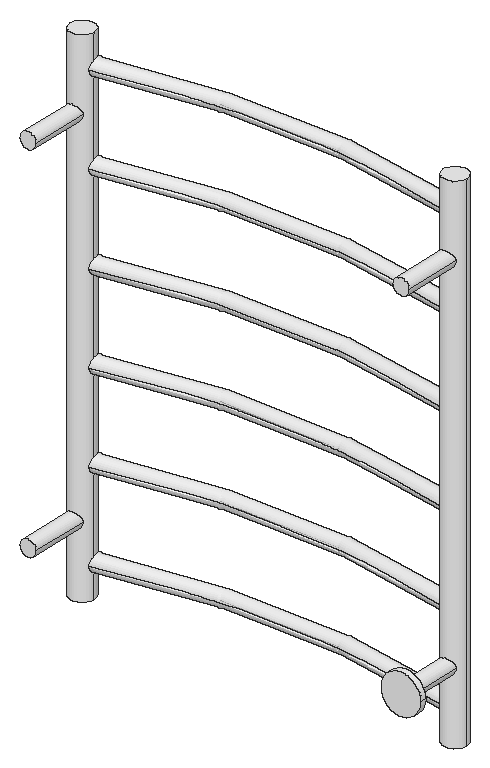
Revit family "BLG-75 L", category Generic Models, host Wall, Revit 2017
Family settings
  Host = Wall
  Can host rebar = No
  Round Connector Dimension = Use Diameter
  Part Type = Normal
  Always vertical = Yes
  Cut with Voids When Loaded = No
  Shared = No
  Room Calculation Point = No
Parameters (values of type "75")
  URL = "www.sentakia.com"
  Teho = "55 W"
  Sähkönumero = "8112503"
  Sentakia_Material_Default = Stainless Steel, Polished_sentakia
  Model = "BLG-75"
  Materiaali = "kiillotettu RST"
  Manufacturer = "Sentakia Oy"
  Leveys = 470 mm  # constant formula
  LVI = "5282077"
  Keynote = "6120"
  Kenkäkoukkupari [instance] = no
  IP = "IP 34 (roiskeveden kestävä)"
  Height = 640 mm  # constant formula
  ELO-600 kromi [instance] = no
  EAN = "6430034743019"
  Depth = 100 mm  # constant formula
  Assembly Code = ""
  2-osainen koukku pitkä [instance] = no
  2-osainen koukku lyhyt [instance] = no
Reference planes
  plane 1 "Wall": y = 0
  plane 2 "Center (Left/Right)": x = 125
  plane 3 "Back": y = 86
  plane 4: z = 1880
  plane 5: y = 186
  plane 6: y = 169
  plane 7 "Center of lower handler": z = 1330
  plane 8: z = 1790
  plane 9 "r": x = 360
  plane 10 "l": x = -110
  plane 11: y = 171
  plane 12: y = 181
  plane 13: y = 161
  plane 14 "Tikas1": z = 1840
  plane 15 "Tikas3": z = 1616
  plane 16 "Tikas4": z = 1504
  plane 17 "Tikas5": z = 1280
  plane 18 "Bottom": z = 1240
  plane 19 "Tikas2": z = 1728
  plane 20: y = 225
  plane 21 "Tikas6": z = 1392
  plane 22: y = 93.171
  plane 23: y = 201
Forms (mm)
  Extrusion 1, solid, material "Stainless Steel, Polished_sentakia" <- "Sentakia_Material_Default", detail levels medium+fine
    sketch origin (0, 0, 200) x (1, 0, 0) y (0, 0, 1)
      loop
        circle (360, 1130) r 10
    from -171 to -86
  Extrusion 2, solid, material "Stainless Steel, Polished_sentakia" <- "Sentakia_Material_Default", detail levels medium+fine
    sketch origin (0, 0, 200) x (1, 0, 0) y (0, 0, 1)
      loop
        circle (-110, 1130) r 10
    from -171 to -86
  Extrusion 3, solid, material "Stainless Steel, Polished_sentakia" <- "Sentakia_Material_Default", detail levels medium+fine
    sketch origin (0, 0, 310) x (1, 0, 0) y (0, 0, 1)
      loop
        circle (-110, 1480) r 10
    from -171 to -86
  Extrusion 4, solid, material "Stainless Steel, Polished_sentakia" <- "Sentakia_Material_Default", detail levels medium+fine
    sketch origin (0, 22, 0) x (1, 0, 0) y (0, 1, 0)
      loop
        circle (-110, 149) r 15
    from 1240 to 1880
  Extrusion 5, solid, material "Stainless Steel, Polished_sentakia" <- "Sentakia_Material_Default", detail levels medium+fine
    sketch origin (0, 22, 0) x (1, 0, 0) y (0, 1, 0)
      loop
        circle (360, 149) r 15
    from 1240 to 1880
  Extrusion 6, solid, material "Stainless Steel, Polished_sentakia" <- "Sentakia_Material_Default", detail levels medium+fine
    sketch origin (0, 0, 0) x (1, 0, 0) y (0, 0, 1)
      loop
        circle (360, 1790) r 10
    from -171 to -86
  Extrusion 7, solid, material "Stainless Steel, Polished_sentakia" <- "Sentakia_Material_Default", detail levels coarse
    sketch origin (125, 0, 0) x (0, 1, 0) y (0, 0, 1)
      loop
        line (186, 1880) -> (86, 1880) -> (86, 1240) -> (186, 1240) -> (186, 1880)
    from -235 to 235
  Sweep 8, solid, material "Stainless Steel, Polished_sentakia" <- "Sentakia_Material_Default", detail levels medium+fine
    path origin (0, 11, 1728) x (1, 0, 0) y (0, 1, 0)
      loop
        arc (-110, 160) -> (125, 190) -> (360, 160) r 935.417
    profile origin (125, 201, 1728) x (0, 1, 0) y (0, 0, 1)
      loop
        circle (0, 0) r 10
  Sweep 9, solid, material "Stainless Steel, Polished_sentakia" <- "Sentakia_Material_Default", detail levels medium+fine
    path origin (0, 11, 1616) x (0, 1, 0) y (-1, 0, 0)
      loop
        arc (160, 110) -> (190, -125) -> (160, -360) r 935.417
    profile origin (125, 201, 1616) x (0, 1, 0) y (0, 0, 1)
      loop
        circle (0, 0) r 10
  Sweep 10, solid, material "Stainless Steel, Polished_sentakia" <- "Sentakia_Material_Default", detail levels medium+fine
    path origin (0, 11, 1504) x (-1, 0, 0) y (0, 1, 0)
      loop
        arc (110, 160) -> (-125, 190) -> (-360, 160) r 935.417
    profile origin (125, 201, 1504) x (0, 1, 0) y (0, 0, 1)
      loop
        circle (0, 0) r 10
  Sweep 11, solid, material "Stainless Steel, Polished_sentakia" <- "Sentakia_Material_Default", detail levels medium+fine
    path origin (0, 11, 1280) x (-1, 0, 0) y (0, 1, 0)
      loop
        arc (110, 160) -> (-125, 190) -> (-360, 160) r 935.417
    profile origin (125, 201, 1280) x (0, 1, 0) y (0, 0, 1)
      loop
        circle (0, 0) r 10
  Sweep 12, solid, material "Stainless Steel, Polished_sentakia" <- "Sentakia_Material_Default", detail levels medium+fine
    path origin (0, 11, 1840) x (0, 1, 0) y (-1, 0, 0)
      loop
        arc (160, 110) -> (190, -125) -> (160, -360) r 935.417
    profile origin (125, 201, 1840) x (0, 1, 0) y (0, 0, 1)
      loop
        circle (0, 0) r 10
  Sweep 13, solid, material "Stainless Steel, Polished_sentakia" <- "Sentakia_Material_Default", detail levels medium+fine
    path origin (0, 11, 1392) x (1, 0, 0) y (0, 1, 0)
      loop
        arc (-110, 160) -> (125, 190) -> (360, 160) r 935.417
    profile origin (125, 201, 1392) x (0, 1, 0) y (0, 0, 1)
      loop
        circle (0, 0) r 10
  Extrusion 14, solid, material "Stainless Steel, Polished_sentakia" <- "Sentakia_Material_Default", detail levels medium+fine
    sketch origin (0, 0, 0) x (1, 0, 0) y (0, 0, 1)
      loop
        circle (360, 1330) r 25
    from -93.171 to -86
Cuts and joins
  joined: Extrusion 1, Extrusion 2, Extrusion 3, Extrusion 4, Extrusion 5, Extrusion 6, Sweep 8, Sweep 9, Sweep 10, Sweep 11, Sweep 12, Sweep 13, Extrusion 14
Text (mm)
  text "Placement Side" at (-1848.837, 1116.779, 0), in view "Ref. Level"
  text "Placement side" at (0, 1409.804, 2854.306), in view "Left"
  text "Placement side" at (0, 499.811, 2980.732), in view "Right"
Dimensions and locks
  locked: plane 3 "Back" to host wall
  "Depth": plane 5 to host wall
  plane 8 to level = 1790 mm
  locked: plane 12 to plane 13 at 20
  plane 18 "Bottom" to plane 7 "Center of lower handler" = 90 mm  (x2)
  plane 4 to plane 8 = 90 mm
  equal spacing: plane 10 "l", plane 2 "Center (Left/Right)", plane 9 "r"
  "Height": plane 18 "Bottom" to plane 4
  plane 7 "Center of lower handler" to plane 8 = 460 mm
  plane 8 to plane 4 = 90 mm
  plane 14 "Tikas1" to plane 4 = 40 mm
  plane 8 to plane 7 "Center of lower handler" = 460 mm
  equal spacing: plane 17 "Tikas5", plane 21 "Tikas6", plane 16 "Tikas4", plane 15 "Tikas3", plane 19 "Tikas2", plane 14 "Tikas1"
  "Leveys": plane 10 "l" to plane 9 "r"
  plane 18 "Bottom" to plane 17 "Tikas5" = 40 mm
  locked: plane 22 to host wall at 7.171
  locked: plane 3 "Back" to plane 23 at 115
  locked: plane 3 "Back" to plane 6 at 83
  aligned and locked: Extrusion 1 to host wall
  aligned and locked: Extrusion 2 to host wall
  aligned and locked: Extrusion 3 to host wall
  aligned and locked: Extrusion 2 to plane 11
  aligned and locked: Extrusion 1 to Extrusion 2
  aligned and locked: plane 4 to Extrusion 4
  aligned and locked: plane 4 to Extrusion 5
  aligned and locked: Extrusion 6 to host wall
  aligned and locked: plane 10 "l" to Extrusion 3 sketch curve
  aligned and locked: plane 9 "r" to Extrusion 6 sketch curve
  aligned and locked: plane 8 to Extrusion 6 sketch curve
  aligned and locked: Extrusion 3 to Extrusion 6
  aligned and locked: Extrusion 6 to plane 11
  aligned and locked: cut or joined group 1 (Extrusion 1, Extrusion 2, Extrusion 3, Extrusion 4, Extrusion 5, Extrusion 6, Sweep 8, Sweep 9, Sweep 10, Sweep 11, Sweep 12, Sweep 13, Extrusion 14) to plane 18 "Bottom"  (x2)
  aligned and locked: plane 4 to Extrusion 7
  aligned and locked: Extrusion 7 to cut or joined group 1
  aligned and locked: Extrusion 7 to plane 9 "r"
  aligned and locked: plane 10 "l" to Extrusion 7
  aligned and locked: Extrusion 7 to host wall
  aligned and locked: Extrusion 14 to host wall
  aligned and locked: plane 3 "Back" to Extrusion 14
  aligned and locked: plane 22 to Extrusion 14
  aligned and locked: plane 11 to Extrusion 5 sketch curve
  aligned and locked: plane 9 "r" to Extrusion 5 sketch curve
  aligned and locked: plane 10 "l" to Extrusion 4 sketch curve
  aligned and locked: plane 11 to Extrusion 4 sketch curve
  aligned and locked: plane 10 "l" to Sweep 12 sketch curve
  aligned and locked: plane 11 to Sweep 12 sketch curve  (x2)
  aligned and locked: plane 9 "r" to Sweep 12 sketch curve
  aligned and locked: plane 10 "l" to Sweep 8 sketch curve
  aligned and locked: plane 11 to Sweep 8 sketch curve  (x2)
  aligned and locked: plane 9 "r" to Sweep 8 sketch curve
  aligned and locked: plane 10 "l" to Sweep 9 sketch curve
  aligned and locked: plane 11 to Sweep 9 sketch curve  (x2)
  aligned and locked: plane 9 "r" to Sweep 9 sketch curve
  aligned and locked: plane 10 "l" to Sweep 10 sketch curve
  aligned and locked: plane 11 to Sweep 10 sketch curve  (x2)
  aligned and locked: plane 9 "r" to Sweep 10 sketch curve
  aligned and locked: plane 10 "l" to Sweep 13 sketch curve
  aligned and locked: plane 9 "r" to Sweep 13 sketch curve
  aligned and locked: plane 11 to Sweep 13 sketch curve  (x2)
  aligned and locked: plane 10 "l" to Sweep 11 sketch curve
  aligned and locked: plane 11 to Sweep 11 sketch curve  (x2)
  aligned and locked: plane 9 "r" to Sweep 11 sketch curve
  aligned and locked: plane 3 "Back" to cut or joined group 1  (x3)
Automatic sketch dimensions
  Extrusion 1 sketch curve to plane 7 "Center of lower handler" = 0 mm
  plane 9 "r" to Extrusion 1 sketch curve = 0 mm
  Extrusion 2 sketch curve to plane 7 "Center of lower handler" = 0 mm
  plane 10 "l" to Extrusion 2 sketch curve = 0 mm
  Extrusion 3 sketch curve to plane 8 = 0 mm
  Extrusion 7 sketch curve to host wall = 0 mm
  Extrusion 7 sketch curve to plane 5 = 0 mm
  Extrusion 7 sketch curve to plane 18 "Bottom" = 0 mm
  Extrusion 7 sketch curve to plane 4 = 0 mm
  Sweep 8 sketch curve to plane 19 "Tikas2" = 0 mm
  Sweep 8 sketch curve to profile plane = 0 mm
  Sweep 9 sketch curve to plane 15 "Tikas3" = 0 mm
  Sweep 9 sketch curve to profile plane = 0 mm
  plane 16 "Tikas4" to Sweep 10 sketch curve = 0 mm
  Sweep 10 sketch curve to profile plane = 0 mm
  plane 17 "Tikas5" to Sweep 11 sketch curve = 0 mm
  Sweep 11 sketch curve to profile plane = 0 mm
  Sweep 12 sketch curve to plane 14 "Tikas1" = 0 mm
  Sweep 12 sketch curve to profile plane = 0 mm
  Sweep 13 sketch curve to profile plane = 0 mm  (x2)
  Extrusion 14 sketch curve to plane 7 "Center of lower handler" = 0 mm
  plane 9 "r" to Extrusion 14 sketch curve = 0 mm
  plane 1 "Wall" to Sweep 12 sketch curve = 734.417 mm
  plane 1 "Wall" to Sweep 8 sketch curve = 734.417 mm
  plane 1 "Wall" to Sweep 9 sketch curve = 734.417 mm
  Sweep 10 sketch curve to plane 1 "Wall" = 734.417 mm
  plane 1 "Wall" to Sweep 13 sketch curve = 734.417 mm
  Sweep 11 sketch curve to plane 1 "Wall" = 734.417 mm
  radius of Extrusion 1 sketch curve = 10 mm
  radius of Extrusion 2 sketch curve = 10 mm
  radius of Extrusion 3 sketch curve = 10 mm
  radius of Extrusion 4 sketch curve = 15 mm
  radius of Extrusion 5 sketch curve = 15 mm
  radius of Extrusion 6 sketch curve = 10 mm
  radius of Sweep 8 sketch curve = 10 mm
  radius of Sweep 9 sketch curve = 10 mm
  radius of Sweep 10 sketch curve = 10 mm
  radius of Sweep 11 sketch curve = 10 mm
  radius of Sweep 12 sketch curve = 10 mm
  radius of Sweep 13 sketch curve = 10 mm
  radius of Extrusion 14 sketch curve = 25 mm
Connectors
  electrical at (360, 86, 1330)
    settings: on Extrusion 1, index 1, voltage 230 V, apparent load 0 VA, apparent load phase1 0 VA, apparent load phase2 0 VA, apparent load phase3 0 VA, power factor 1, load classification "Other", number of poles 1, system type 31, power factor state 1, is connector primary yes, connector utility no, sub classification motor no, connector description ""
